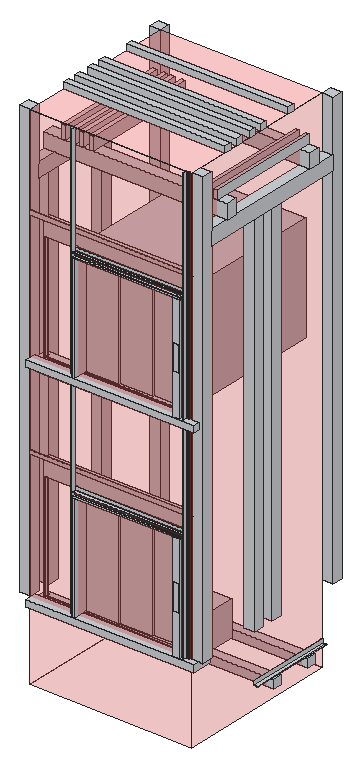
Revit family "SF2500-3S-1方向", category 一般モデル, Revit 2018
Family settings
  鉄筋をホスト可能 = いいえ
  丸型コネクタ寸法 = 直径を使用
  パーツ タイプ = 標準
  作業面ベース = いいえ
  常に垂直 = はい
  ロード時にボイドで切り取り = いいえ
  共有 = いいえ
  部屋計算ポイント = いいえ
Parameters
  昇降行程 = 5000 mm
Reference planes
  plane 1 "レール芯": y = 0
  plane 2 "最下階FL": z = 0
  plane 3 "かご芯": x = 0
  plane 4: z = 5000
  plane 5 "ピット底面": z = -1850
  plane 6: z = 10150
  plane 7: z = 2500
Forms (mm)
  Extrusion 1, solid
    sketch origin (-115, 140, 0) x (1, 0, 0) y (0, 1, 0)
      loop
        line (-2075, 1770) -> (-2075, -2040) -> (1695, -2040) -> (1695, 1770) -> (-2075, 1770)
    from -1850 to 10150
  Extrusion 2, solid
    sketch origin (-188.849, -187.656, 5000) x (1, 0, 0) y (0, 1, 0)
      loop
        line (-1106.151, 1972.656) -> (-1106.151, -1312.344) -> (1483.849, -1312.344) -> (1483.849, 1972.656) -> (-1106.151, 1972.656)
    from 0 to 2500
  Extrusion 3, solid
    sketch origin (-879.116, 224.003, 325) x (1, 0, 0) y (0, 1, 0)
      loop
        line (-1050.884, 1090.997) -> (-1050.884, 260.997) -> (829.116, 260.997) -> (829.116, 1090.997) -> (-1050.884, 1090.997)
    from -1850 to -1029.5
  Extrusion 4, solid
    sketch origin (-180.164, -13.256, 0) x (1, 0, 0) y (0, 1, 0)
      loop
        line (1760.164, 388.256) -> (1760.164, 138.256) -> (2010.164, 138.256) -> (2010.164, 388.256) -> (1760.164, 388.256)
    from 0 to 8610
  Extrusion 5, solid
    sketch origin (-180.164, -413.256, 0) x (1, 0, 0) y (0, 1, 0)
      loop
        line (1760.164, 288.256) -> (1760.164, 38.256) -> (2010.164, 38.256) -> (2010.164, 288.256) -> (1760.164, 288.256)
    from 0 to 8610
  Extrusion 6, solid
    sketch origin (593.997, -121.31, 0) x (1, 0, 0) y (0, 1, 0)
      loop
        line (-3033.997, 581.31) -> (-3033.997, 331.31) -> (-2783.997, 331.31) -> (-2783.997, 581.31) -> (-3033.997, 581.31)
    from 0 to 8610
  Extrusion 7, solid
    sketch origin (593.997, -1571.31, 0) x (1, 0, 0) y (0, 1, 0)
      loop
        line (-3033.997, 481.31) -> (-3033.997, 231.31) -> (-2783.997, 231.31) -> (-2783.997, 481.31) -> (-3033.997, 481.31)
    from 0 to 8610
  Extrusion 8, solid
    sketch origin (0, -154.792, -183.066) x (0, 1, 0) y (0, 0, 1)
      loop
        line (279.792, 10483.066) -> (279.792, 10333.066) -> (429.792, 10333.066) -> (429.792, 10483.066) -> (279.792, 10483.066)
    from -2190 to 1580
  Extrusion 9, solid
    sketch origin (0, -494.792, -183.066) x (0, 1, 0) y (0, 0, 1)
      loop
        line (279.792, 10483.066) -> (279.792, 10333.066) -> (429.792, 10333.066) -> (429.792, 10483.066) -> (279.792, 10483.066)
    from -2190 to 1580
  Extrusion 10, solid
    sketch origin (0, -859.792, -183.066) x (0, 1, 0) y (0, 0, 1)
      loop
        line (279.792, 10483.066) -> (279.792, 10333.066) -> (429.792, 10333.066) -> (429.792, 10483.066) -> (279.792, 10483.066)
    from -2190 to 1580
  Extrusion 11, solid
    sketch origin (0, 635.208, -183.066) x (0, 1, 0) y (0, 0, 1)
      loop
        line (279.792, 10483.066) -> (279.792, 10333.066) -> (429.792, 10333.066) -> (429.792, 10483.066) -> (279.792, 10483.066)
    from -2190 to 1580
  Extrusion 12, solid
    sketch origin (0, -882.235, 116.596) x (0, 1, 0) y (0, 0, 1)
      loop
        line (-877.765, 4733.404) -> (-877.765, 4533.404) -> (-677.765, 4533.404) -> (-677.765, 4733.404) -> (-877.765, 4733.404)
    from -2190 to 1580
  Extrusion 13, solid
    sketch origin (122.648, -728.415, 0) x (-1, 0, 0) y (0, -1, 0)
      loop
        arc (-1327.352, 1181.585) -> (-1330.281, 1174.514) -> (-1337.352, 1171.585) r 10
        line (-1337.352, 1171.585) -> (-1402.352, 1171.585)
        arc (-1402.352, 1171.585) -> (-1406.094, 1168.362) -> (-1407.352, 1163.585) r 8.329
        line (-1407.352, 1163.585) -> (-1407.352, 1161.585) -> (-1317.352, 1161.585) -> (-1317.352, 1251.585) -> (-1319.352, 1251.585)
        arc (-1319.352, 1251.585) -> (-1324.129, 1250.327) -> (-1327.352, 1246.585) r 8.329
        line (-1327.352, 1246.585) -> (-1327.352, 1181.585)
    from 0 to 4850
  Extrusion 14, solid
    sketch origin (77.352, -728.415, 0) x (1, 0, 0) y (0, 1, 0)
      loop
        line (-1227.352, -1181.585) -> (-1227.352, -1246.585)
        arc (-1227.352, -1246.585) -> (-1224.129, -1250.327) -> (-1219.352, -1251.585) r 8.329
        line (-1219.352, -1251.585) -> (-1217.352, -1251.585) -> (-1217.352, -1161.585) -> (-1307.352, -1161.585) -> (-1307.352, -1163.585)
        arc (-1307.352, -1163.585) -> (-1306.094, -1168.362) -> (-1302.352, -1171.585) r 8.329
        line (-1302.352, -1171.585) -> (-1237.352, -1171.585)
        arc (-1237.352, -1171.585) -> (-1230.281, -1174.514) -> (-1227.352, -1181.585) r 10
    from 0 to 4850
  Extrusion 15, solid
    sketch origin (322.648, -728.415, 5000) x (-1, 0, 0) y (0, -1, 0)
      loop
        line (-1127.352, 1246.585) -> (-1127.352, 1181.585)
        arc (-1127.352, 1181.585) -> (-1130.281, 1174.514) -> (-1137.352, 1171.585) r 10
        line (-1137.352, 1171.585) -> (-1202.352, 1171.585)
        arc (-1202.352, 1171.585) -> (-1206.094, 1168.362) -> (-1207.352, 1163.585) r 8.329
        line (-1207.352, 1163.585) -> (-1207.352, 1161.585) -> (-1117.352, 1161.585) -> (-1117.352, 1251.585) -> (-1119.352, 1251.585)
        arc (-1119.352, 1251.585) -> (-1124.129, 1250.327) -> (-1127.352, 1246.585) r 8.329
    from 0 to 5150
  Extrusion 16, solid
    sketch origin (77.352, -728.415, 5000) x (1, 0, 0) y (0, 1, 0)
      loop
        line (-1227.352, -1181.585) -> (-1227.352, -1246.585)
        arc (-1227.352, -1246.585) -> (-1224.129, -1250.327) -> (-1219.352, -1251.585) r 8.329
        line (-1219.352, -1251.585) -> (-1217.352, -1251.585) -> (-1217.352, -1161.585) -> (-1307.352, -1161.585) -> (-1307.352, -1163.585)
        arc (-1307.352, -1163.585) -> (-1306.094, -1168.362) -> (-1302.352, -1171.585) r 8.329
        line (-1302.352, -1171.585) -> (-1237.352, -1171.585)
        arc (-1237.352, -1171.585) -> (-1230.281, -1174.514) -> (-1227.352, -1181.585) r 10
    from 0 to 5150
  Extrusion 17, solid
    sketch origin (90, -4062.272, 1335.614) x (0, 0, -1) y (0, 1, 0)
      loop
        line (-1244.386, 2172.272) -> (-1334.386, 2172.272) -> (-1334.386, 2170.272)
        arc (-1334.386, 2170.272) -> (-1333.128, 2165.496) -> (-1329.386, 2162.272) r 8.329
        line (-1329.386, 2162.272) -> (-1264.386, 2162.272)
        arc (-1264.386, 2162.272) -> (-1257.315, 2159.343) -> (-1254.386, 2152.272) r 10
        line (-1254.386, 2152.272) -> (-1254.386, 2087.272)
        arc (-1254.386, 2087.272) -> (-1251.162, 2083.53) -> (-1246.386, 2082.272) r 8.329
        line (-1246.386, 2082.272) -> (-1244.386, 2082.272) -> (-1244.386, 2172.272)
    from -1230 to 1350
  Extrusion 18, solid
    sketch origin (593.997, 1578.69, 0) x (1, 0, 0) y (0, 1, 0)
      loop
        line (-3033.997, 581.31) -> (-3033.997, 331.31) -> (-2783.997, 331.31) -> (-2783.997, 581.31) -> (-3033.997, 581.31)
    from 0 to 10150
  Extrusion 19, solid
    sketch origin (-180.164, 1771.744, 0) x (1, 0, 0) y (0, 1, 0)
      loop
        line (1760.164, 388.256) -> (1760.164, 138.256) -> (2010.164, 138.256) -> (2010.164, 388.256) -> (1760.164, 388.256)
    from 0 to 10150
  Extrusion 20, solid
    sketch origin (593.997, -2106.31, 0) x (1, 0, 0) y (0, 1, 0)
      loop
        line (-3033.997, 481.31) -> (-3033.997, 231.31) -> (-2783.997, 231.31) -> (-2783.997, 481.31) -> (-3033.997, 481.31)
    from 0 to 10150
  Extrusion 21, solid
    sketch origin (-180.164, -1913.256, 0) x (1, 0, 0) y (0, 1, 0)
      loop
        line (1760.164, 288.256) -> (1760.164, 38.256) -> (2010.164, 38.256) -> (2010.164, 288.256) -> (1760.164, 288.256)
    from 0 to 10150
  Extrusion 22, solid
    sketch origin (150, 2016.904, 19.994) x (0, 1, 0) y (0, 0, 1)
      loop
        line (-716.904, -1344.994) -> (-716.904, -1544.994) -> (-516.904, -1544.994) -> (-516.904, -1344.994) -> (-716.904, -1344.994)
    from -2490 to 1580
  Extrusion 23, solid
    sketch origin (150, 1016.904, 19.994) x (0, 1, 0) y (0, 0, 1)
      loop
        line (-716.904, -1344.994) -> (-716.904, -1544.994) -> (-516.904, -1544.994) -> (-516.904, -1344.994) -> (-716.904, -1344.994)
    from -2490 to 1580
  Extrusion 24, solid
    sketch origin (0, -1199.792, -183.066) x (0, 1, 0) y (0, 0, 1)
      loop
        line (279.792, 10483.066) -> (279.792, 10333.066) -> (429.792, 10333.066) -> (429.792, 10483.066) -> (279.792, 10483.066)
    from -2190 to 1580
  Extrusion 25, solid
    sketch origin (0, 441.791, 163.079) x (0, 1, 0) y (0, 0, 1)
      loop
        line (798.209, 9126.921) -> (798.209, 8786.921) -> (1048.209, 8786.921) -> (1048.209, 9126.921) -> (798.209, 9126.921)
    from -2440 to 1830
  Extrusion 26, solid
    sketch origin (0, -1968.209, 163.079) x (0, 1, 0) y (0, 0, 1)
      loop
        line (798.209, 9126.921) -> (798.209, 8786.921) -> (1048.209, 8786.921) -> (1048.209, 9126.921) -> (798.209, 9126.921)
    from -2440 to 1830
  Extrusion 27, solid
    sketch origin (-92.007, 0, 95.444) x (1, 0, 0) y (0, 0, 1)
      loop
        line (1672.007, 8854.556) -> (1672.007, 8514.556) -> (1922.007, 8514.556) -> (1922.007, 8854.556) -> (1672.007, 8854.556)
    from -1910 to 1625
  Extrusion 28, solid
    sketch origin (-4112.007, 0, 95.444) x (1, 0, 0) y (0, 0, 1)
      loop
        line (1672.007, 8854.556) -> (1672.007, 8514.556) -> (1922.007, 8514.556) -> (1922.007, 8854.556) -> (1672.007, 8854.556)
    from -1910 to 1625
  Extrusion 29, solid
    sketch origin (0, 282.272, 1720.614) x (0, 0, -1) y (0, 1, 0)
      loop
        line (-1244.386, -2172.272) -> (-1244.386, -2082.272) -> (-1246.386, -2082.272)
        arc (-1246.386, -2082.272) -> (-1251.162, -2083.53) -> (-1254.386, -2087.272) r 8.329
        line (-1254.386, -2087.272) -> (-1254.386, -2152.272)
        arc (-1254.386, -2152.272) -> (-1257.315, -2159.343) -> (-1264.386, -2162.272) r 10
        line (-1264.386, -2162.272) -> (-1329.386, -2162.272)
        arc (-1329.386, -2162.272) -> (-1333.128, -2165.496) -> (-1334.386, -2170.272) r 8.329
        line (-1334.386, -2170.272) -> (-1334.386, -2172.272) -> (-1244.386, -2172.272)
    from -2190 to 1580
  Extrusion 30, solid
    sketch origin (90, -4062.272, 6335.614) x (0, 0, -1) y (0, 1, 0)
      loop
        line (-1244.386, 2172.272) -> (-1334.386, 2172.272) -> (-1334.386, 2170.272)
        arc (-1334.386, 2170.272) -> (-1333.128, 2165.496) -> (-1329.386, 2162.272) r 8.329
        line (-1329.386, 2162.272) -> (-1264.386, 2162.272)
        arc (-1264.386, 2162.272) -> (-1257.315, 2159.343) -> (-1254.386, 2152.272) r 10
        line (-1254.386, 2152.272) -> (-1254.386, 2087.272)
        arc (-1254.386, 2087.272) -> (-1251.162, 2083.53) -> (-1246.386, 2082.272) r 8.329
        line (-1246.386, 2082.272) -> (-1244.386, 2082.272) -> (-1244.386, 2172.272)
    from -1230 to 1350
  Extrusion 31, solid
    sketch origin (0, 282.272, 6720.614) x (0, 0, -1) y (0, 1, 0)
      loop
        line (-1244.386, -2172.272) -> (-1244.386, -2082.272) -> (-1246.386, -2082.272)
        arc (-1246.386, -2082.272) -> (-1251.162, -2083.53) -> (-1254.386, -2087.272) r 8.329
        line (-1254.386, -2087.272) -> (-1254.386, -2152.272)
        arc (-1254.386, -2152.272) -> (-1257.315, -2159.343) -> (-1264.386, -2162.272) r 10
        line (-1264.386, -2162.272) -> (-1329.386, -2162.272)
        arc (-1329.386, -2162.272) -> (-1333.128, -2165.496) -> (-1334.386, -2170.272) r 8.329
        line (-1334.386, -2170.272) -> (-1334.386, -2172.272) -> (-1244.386, -2172.272)
    from -2190 to 1580
  Extrusion 32, solid
    sketch origin (1.885, 1900, 0) x (1, 0, 0) y (0, 0, 1)
      loop
        line (-2201.885, -1232) -> (-2201.885, -1305)
        arc (-2201.885, -1305) -> (-2204.814, -1312.071) -> (-2211.885, -1315) r 10
        line (-2211.885, -1315) -> (-2284.885, -1315)
        arc (-2284.885, -1315) -> (-2289.835, -1317.05) -> (-2291.885, -1322) r 7
        line (-2291.885, -1322) -> (-2291.885, -1325) -> (-2191.885, -1325) -> (-2191.885, -1225) -> (-2194.885, -1225)
        arc (-2194.885, -1225) -> (-2199.835, -1227.05) -> (-2201.885, -1232) r 7
    from 0 to 2000
  Extrusion 33, solid
    sketch origin (-611.885, 1900, 0) x (-1, 0, 0) y (0, 0, -1)
      loop
        arc (-2201.885, 1232) -> (-2199.835, 1227.05) -> (-2194.885, 1225) r 7
        line (-2194.885, 1225) -> (-2191.885, 1225) -> (-2191.885, 1325) -> (-2291.885, 1325) -> (-2291.885, 1322)
        arc (-2291.885, 1322) -> (-2289.835, 1317.05) -> (-2284.885, 1315) r 7
        line (-2284.885, 1315) -> (-2211.885, 1315)
        arc (-2211.885, 1315) -> (-2204.814, 1312.071) -> (-2201.885, 1305) r 10
        line (-2201.885, 1305) -> (-2201.885, 1232)
    from 0 to 2000
  Extrusion 34, solid
    sketch origin (-757.393, 0, 48.404) x (1, 0, 0) y (0, 0, 1)
      loop
        line (2277.393, 9441.596) -> (2277.393, 9241.596) -> (2357.393, 9241.596) -> (2357.393, 9441.596) -> (2277.393, 9441.596)
    from -1490 to 1170
  Extrusion 35, solid
    sketch origin (-987.393, 0, 48.404) x (1, 0, 0) y (0, 0, 1)
      loop
        line (2277.393, 9441.596) -> (2277.393, 9241.596) -> (2357.393, 9241.596) -> (2357.393, 9441.596) -> (2277.393, 9441.596)
    from -1490 to 1170
  Extrusion 36, solid
    sketch origin (-231.32, 0, -14.523) x (1, 0, 0) y (0, 0, 1)
      loop
        line (-1798.68, 9604.523) -> (-1798.68, 9304.523) -> (-1708.68, 9304.523) -> (-1708.68, 9604.523) -> (-1798.68, 9604.523)
    from -1490 to 1170
  Extrusion 37, solid
    sketch origin (8.68, 0, -14.523) x (1, 0, 0) y (0, 0, 1)
      loop
        line (-1798.68, 9604.523) -> (-1798.68, 9304.523) -> (-1708.68, 9304.523) -> (-1708.68, 9604.523) -> (-1798.68, 9604.523)
    from -1490 to 1170
  Extrusion 38, solid
    sketch origin (188.68, 0, -14.523) x (1, 0, 0) y (0, 0, 1)
      loop
        line (-1798.68, 9604.523) -> (-1798.68, 9304.523) -> (-1708.68, 9304.523) -> (-1708.68, 9604.523) -> (-1798.68, 9604.523)
    from -1490 to 1170
  Extrusion 39, solid
    sketch origin (428.68, 0, -14.523) x (1, 0, 0) y (0, 0, 1)
      loop
        line (-1798.68, 9604.523) -> (-1798.68, 9304.523) -> (-1708.68, 9304.523) -> (-1708.68, 9604.523) -> (-1798.68, 9604.523)
    from -1490 to 1170
Dimensions and locks
  "昇降行程": plane 4 to plane 2 "最下階FL"
  locked: plane 6 to plane 4 at 5150
  locked: Extrusion 2 to plane 4 at 2500
  locked: plane 4 to Extrusion 13 at 150
  locked: Extrusion 27 to plane 4 at 3610
  aligned and locked: level to plane 2 "最下階FL"
  aligned and locked: Extrusion 1 to plane 5 "ピット底面"
  aligned and locked: Extrusion 2 to plane 4
  aligned and locked: Extrusion 5 to plane 2 "最下階FL"
  aligned and locked: Extrusion 4 to plane 2 "最下階FL"
  aligned and locked: Extrusion 6 to Extrusion 1
  aligned and locked: Extrusion 7 to Extrusion 1
  aligned and locked: Extrusion 4 to Extrusion 1
  aligned and locked: Extrusion 5 to Extrusion 1
  aligned and locked: Extrusion 6 to plane 2 "最下階FL"
  aligned and locked: Extrusion 7 to plane 2 "最下階FL"
  aligned and locked: Extrusion 8 to Extrusion 1
  aligned and locked: Extrusion 1 to Extrusion 8  (x2)
  aligned and locked: Extrusion 1 to Extrusion 10  (x2)
  aligned and locked: Extrusion 1 to Extrusion 11  (x2)
  aligned and locked: Extrusion 10 to Extrusion 1
  aligned and locked: Extrusion 9 to Extrusion 1
  aligned and locked: Extrusion 11 to Extrusion 1
  aligned and locked: Extrusion 1 to Extrusion 12  (x2)
  aligned and locked: Extrusion 1 to Extrusion 9  (x2)
  aligned and locked: Extrusion 15 to Extrusion 16
  aligned and locked: Extrusion 16 to plane 4
  aligned and locked: Extrusion 15 to plane 4
  aligned and locked: plane 6 to Extrusion 1
  aligned and locked: plane 6 to Extrusion 15
  aligned and locked: plane 6 to Extrusion 16
  aligned and locked: Extrusion 13 to Extrusion 14
  aligned and locked: Extrusion 19 to Extrusion 1
  aligned and locked: Extrusion 1 to Extrusion 21
  aligned and locked: Extrusion 18 to Extrusion 1
  aligned and locked: Extrusion 1 to Extrusion 20
  aligned and locked: nested 2 to plane 4
  aligned and locked: Extrusion 4 to Extrusion 27
  aligned and locked: Extrusion 6 to Extrusion 27
  aligned and locked: Extrusion 5 to Extrusion 27
  aligned and locked: Extrusion 7 to Extrusion 27
  aligned and locked: Extrusion 1 to Extrusion 24  (x2)
Automatic sketch dimensions
  Extrusion 1 sketch curve to plane 3 "かご芯" = 2190 mm
  plane 3 "かご芯" to Extrusion 1 sketch curve = 1580 mm
  plane 1 "レール芯" to Extrusion 1 sketch curve = 1900 mm
  Extrusion 1 sketch curve to plane 1 "レール芯" = 1910 mm
  Extrusion 2 sketch curve to plane 3 "かご芯" = 1295 mm
  plane 3 "かご芯" to Extrusion 2 sketch curve = 1295 mm
  plane 1 "レール芯" to Extrusion 2 sketch curve = 1500 mm
  Extrusion 2 sketch curve to plane 1 "レール芯" = 1785 mm
  Extrusion 3 sketch curve to plane 1 "レール芯" = 485 mm
  Extrusion 3 sketch curve to plane 3 "かご芯" = 1930 mm
  Extrusion 3 sketch curve to plane 3 "かご芯" = 50 mm
  Extrusion 3 sketch curve to Extrusion 3 sketch curve = 830 mm
  Extrusion 4 sketch curve to plane 1 "レール芯" = 125 mm
  plane 3 "かご芯" to Extrusion 4 sketch curve = 1580 mm
  Extrusion 4 sketch curve to Extrusion 4 sketch curve = 250 mm  (x2)
  plane 1 "レール芯" to Extrusion 5 sketch curve = 375 mm
  plane 3 "かご芯" to Extrusion 5 sketch curve = 1580 mm
  Extrusion 5 sketch curve to Extrusion 5 sketch curve = 250 mm
  plane 1 "レール芯" to Extrusion 5 sketch curve = 125 mm
  Extrusion 6 sketch curve to plane 1 "レール芯" = 210 mm
  Extrusion 6 sketch curve to plane 3 "かご芯" = 2440 mm
  Extrusion 6 sketch curve to Extrusion 6 sketch curve = 250 mm  (x2)
  Extrusion 7 sketch curve to plane 3 "かご芯" = 2440 mm
  Extrusion 7 sketch curve to Extrusion 7 sketch curve = 250 mm  (x2)
  plane 1 "レール芯" to Extrusion 7 sketch curve = 1340 mm
  Extrusion 8 sketch curve to plane 6 = 0 mm
  Extrusion 8 sketch curve to plane 1 "レール芯" = 125 mm
  Extrusion 8 sketch curve to Extrusion 8 sketch curve = 150 mm
  plane 6 to Extrusion 8 sketch curve = 150 mm
  Extrusion 9 sketch curve to plane 6 = 0 mm
  plane 1 "レール芯" to Extrusion 9 sketch curve = 215 mm
  plane 1 "レール芯" to Extrusion 9 sketch curve = 65 mm
  plane 6 to Extrusion 9 sketch curve = 150 mm
  Extrusion 10 sketch curve to plane 6 = 0 mm
  plane 1 "レール芯" to Extrusion 10 sketch curve = 580 mm
  Extrusion 10 sketch curve to Extrusion 10 sketch curve = 150 mm
  plane 6 to Extrusion 10 sketch curve = 150 mm
  Extrusion 11 sketch curve to plane 6 = 0 mm
  Extrusion 11 sketch curve to plane 1 "レール芯" = 915 mm
  Extrusion 11 sketch curve to Extrusion 11 sketch curve = 150 mm
  plane 6 to Extrusion 11 sketch curve = 150 mm
  Extrusion 12 sketch curve to plane 4 = 350 mm
  plane 1 "レール芯" to Extrusion 12 sketch curve = 1760 mm
  Extrusion 12 sketch curve to Extrusion 12 sketch curve = 200 mm
  Extrusion 12 sketch curve to plane 4 = 150 mm
  Extrusion 13 sketch curve to plane 3 "かご芯" = 1530 mm
  Extrusion 13 sketch curve to Extrusion 13 sketch curve = 5 mm  (x2)
  Extrusion 13 sketch curve to Extrusion 13 sketch curve = 3.321 mm
  Extrusion 13 sketch curve to Extrusion 13 sketch curve = 61.679 mm  (x2)
  Extrusion 13 sketch curve to Extrusion 13 sketch curve = 10 mm  (x2)
  Extrusion 13 sketch curve to Extrusion 13 sketch curve = 7.638 mm  (x2)
  Extrusion 13 sketch curve to Extrusion 13 sketch curve = 0.362 mm
  Extrusion 13 sketch curve to Extrusion 13 sketch curve = 2 mm
  Extrusion 13 sketch curve to plane 1 "レール芯" = 1980 mm
  Extrusion 14 sketch curve to plane 3 "かご芯" = 1230 mm
  Extrusion 14 sketch curve to Extrusion 14 sketch curve = 5 mm  (x2)
  Extrusion 14 sketch curve to Extrusion 14 sketch curve = 3.321 mm
  Extrusion 14 sketch curve to Extrusion 14 sketch curve = 61.679 mm  (x2)
  Extrusion 14 sketch curve to Extrusion 14 sketch curve = 10 mm
  Extrusion 14 sketch curve to Extrusion 14 sketch curve = 7.638 mm  (x2)
  Extrusion 14 sketch curve to Extrusion 14 sketch curve = 0.362 mm
  Extrusion 14 sketch curve to Extrusion 14 sketch curve = 2 mm
  plane 1 "レール芯" to Extrusion 14 sketch curve = 1980 mm
  Extrusion 14 sketch curve to Extrusion 14 sketch curve = 20 mm
  Extrusion 15 sketch curve to plane 3 "かご芯" = 1530 mm
  Extrusion 15 sketch curve to Extrusion 15 sketch curve = 5 mm  (x2)
  Extrusion 15 sketch curve to Extrusion 15 sketch curve = 3.321 mm
  Extrusion 15 sketch curve to Extrusion 15 sketch curve = 61.679 mm  (x2)
  Extrusion 15 sketch curve to Extrusion 15 sketch curve = 10 mm
  Extrusion 15 sketch curve to Extrusion 15 sketch curve = 7.638 mm  (x2)
  Extrusion 15 sketch curve to Extrusion 15 sketch curve = 0.362 mm
  Extrusion 15 sketch curve to Extrusion 15 sketch curve = 2 mm  (x2)
  Extrusion 15 sketch curve to plane 1 "レール芯" = 1980 mm
  Extrusion 16 sketch curve to plane 3 "かご芯" = 1230 mm
  Extrusion 16 sketch curve to Extrusion 16 sketch curve = 5 mm  (x2)
  Extrusion 16 sketch curve to Extrusion 16 sketch curve = 3.321 mm
  Extrusion 16 sketch curve to Extrusion 16 sketch curve = 61.679 mm  (x2)
  Extrusion 16 sketch curve to Extrusion 16 sketch curve = 10 mm  (x2)
  Extrusion 16 sketch curve to Extrusion 16 sketch curve = 7.638 mm  (x2)
  Extrusion 16 sketch curve to Extrusion 16 sketch curve = 0.362 mm
  Extrusion 16 sketch curve to Extrusion 16 sketch curve = 2 mm
  plane 1 "レール芯" to Extrusion 16 sketch curve = 1980 mm
  Extrusion 17 sketch curve to plane 7 = 170 mm
  Extrusion 17 sketch curve to Extrusion 17 sketch curve = 5 mm  (x2)
  Extrusion 17 sketch curve to Extrusion 17 sketch curve = 8.321 mm
  Extrusion 17 sketch curve to Extrusion 17 sketch curve = 61.679 mm  (x2)
  Extrusion 17 sketch curve to Extrusion 17 sketch curve = 10 mm
  Extrusion 17 sketch curve to Extrusion 17 sketch curve = 7.638 mm  (x2)
  Extrusion 17 sketch curve to Extrusion 17 sketch curve = 0.362 mm
  Extrusion 17 sketch curve to Extrusion 17 sketch curve = 2 mm
  plane 1 "レール芯" to Extrusion 17 sketch curve = 1980 mm
  Extrusion 17 sketch curve to Extrusion 17 sketch curve = 20 mm
  Extrusion 18 sketch curve to plane 3 "かご芯" = 2440 mm
  Extrusion 18 sketch curve to Extrusion 18 sketch curve = 250 mm  (x2)
  Extrusion 18 sketch curve to plane 1 "レール芯" = 1910 mm
  plane 3 "かご芯" to Extrusion 19 sketch curve = 1580 mm
  Extrusion 19 sketch curve to Extrusion 19 sketch curve = 250 mm  (x2)
  Extrusion 19 sketch curve to plane 1 "レール芯" = 1910 mm
  Extrusion 20 sketch curve to plane 3 "かご芯" = 2440 mm
  Extrusion 20 sketch curve to Extrusion 20 sketch curve = 250 mm  (x2)
  plane 1 "レール芯" to Extrusion 20 sketch curve = 1875 mm
  plane 3 "かご芯" to Extrusion 21 sketch curve = 1580 mm
  Extrusion 21 sketch curve to Extrusion 21 sketch curve = 250 mm  (x2)
  plane 1 "レール芯" to Extrusion 21 sketch curve = 1875 mm
  plane 5 "ピット底面" to Extrusion 22 sketch curve = 325 mm
  Extrusion 22 sketch curve to plane 1 "レール芯" = 1300 mm
  Extrusion 22 sketch curve to Extrusion 22 sketch curve = 200 mm  (x2)
  Extrusion 23 sketch curve to plane 1 "レール芯" = 300 mm
  Extrusion 23 sketch curve to Extrusion 23 sketch curve = 200 mm  (x2)
  plane 5 "ピット底面" to Extrusion 23 sketch curve = 325 mm
  Extrusion 24 sketch curve to plane 6 = 0 mm
  plane 1 "レール芯" to Extrusion 24 sketch curve = 920 mm
  Extrusion 24 sketch curve to Extrusion 24 sketch curve = 150 mm
  plane 6 to Extrusion 24 sketch curve = 150 mm
  Extrusion 25 sketch curve to plane 1 "レール芯" = 1240 mm
  Extrusion 25 sketch curve to Extrusion 25 sketch curve = 250 mm
  Extrusion 25 sketch curve to plane 6 = 1200 mm
  Extrusion 25 sketch curve to Extrusion 25 sketch curve = 340 mm
  plane 1 "レール芯" to Extrusion 26 sketch curve = 1170 mm
  Extrusion 26 sketch curve to Extrusion 26 sketch curve = 250 mm
  Extrusion 26 sketch curve to plane 6 = 1200 mm
  Extrusion 26 sketch curve to Extrusion 26 sketch curve = 340 mm
  plane 3 "かご芯" to Extrusion 27 sketch curve = 1580 mm
  Extrusion 27 sketch curve to Extrusion 27 sketch curve = 250 mm
  Extrusion 27 sketch curve to plane 6 = 1540 mm
  Extrusion 27 sketch curve to Extrusion 27 sketch curve = 340 mm
  Extrusion 28 sketch curve to plane 3 "かご芯" = 2440 mm
  Extrusion 28 sketch curve to Extrusion 28 sketch curve = 250 mm
  Extrusion 28 sketch curve to plane 6 = 1540 mm
  Extrusion 28 sketch curve to Extrusion 28 sketch curve = 340 mm
  plane 7 to Extrusion 29 sketch curve = 555 mm
  Extrusion 29 sketch curve to Extrusion 29 sketch curve = 5 mm  (x2)
  Extrusion 29 sketch curve to Extrusion 29 sketch curve = 8.321 mm
  Extrusion 29 sketch curve to Extrusion 29 sketch curve = 61.679 mm  (x2)
  Extrusion 29 sketch curve to Extrusion 29 sketch curve = 10 mm
  Extrusion 29 sketch curve to Extrusion 29 sketch curve = 7.638 mm  (x2)
  Extrusion 29 sketch curve to Extrusion 29 sketch curve = 0.362 mm
  Extrusion 29 sketch curve to Extrusion 29 sketch curve = 2 mm
  Extrusion 29 sketch curve to plane 1 "レール芯" = 1800 mm
  Extrusion 29 sketch curve to Extrusion 29 sketch curve = 20 mm
  Extrusion 30 sketch curve to plane 6 = 2480 mm
  Extrusion 30 sketch curve to Extrusion 30 sketch curve = 5 mm  (x2)
  Extrusion 30 sketch curve to Extrusion 30 sketch curve = 8.321 mm
  Extrusion 30 sketch curve to Extrusion 30 sketch curve = 61.679 mm  (x2)
  Extrusion 30 sketch curve to Extrusion 30 sketch curve = 10 mm
  Extrusion 30 sketch curve to Extrusion 30 sketch curve = 7.638 mm  (x2)
  Extrusion 30 sketch curve to Extrusion 30 sketch curve = 0.362 mm
  Extrusion 30 sketch curve to Extrusion 30 sketch curve = 2 mm
  plane 1 "レール芯" to Extrusion 30 sketch curve = 1980 mm
  Extrusion 30 sketch curve to Extrusion 30 sketch curve = 20 mm
  plane 6 to Extrusion 31 sketch curve = 2095 mm
  Extrusion 31 sketch curve to Extrusion 31 sketch curve = 5 mm  (x2)
  Extrusion 31 sketch curve to Extrusion 31 sketch curve = 8.321 mm
  Extrusion 31 sketch curve to Extrusion 31 sketch curve = 61.679 mm  (x2)
  Extrusion 31 sketch curve to Extrusion 31 sketch curve = 10 mm  (x2)
  Extrusion 31 sketch curve to Extrusion 31 sketch curve = 7.638 mm  (x2)
  Extrusion 31 sketch curve to Extrusion 31 sketch curve = 0.362 mm
  Extrusion 31 sketch curve to Extrusion 31 sketch curve = 2 mm
  Extrusion 31 sketch curve to plane 1 "レール芯" = 1800 mm
  plane 5 "ピット底面" to Extrusion 32 sketch curve = 528 mm
  Extrusion 32 sketch curve to plane 3 "かご芯" = 2290 mm
  Extrusion 32 sketch curve to Extrusion 32 sketch curve = 7 mm  (x2)
  Extrusion 32 sketch curve to Extrusion 32 sketch curve = 73 mm  (x2)
  Extrusion 32 sketch curve to Extrusion 32 sketch curve = 10 mm
  Extrusion 32 sketch curve to Extrusion 32 sketch curve = 3 mm
  Extrusion 32 sketch curve to Extrusion 32 sketch curve = 20 mm
  plane 5 "ピット底面" to Extrusion 33 sketch curve = 528 mm
  plane 3 "かご芯" to Extrusion 33 sketch curve = 1680 mm
  Extrusion 33 sketch curve to Extrusion 33 sketch curve = 7 mm  (x2)
  Extrusion 33 sketch curve to Extrusion 33 sketch curve = 73 mm  (x2)
  Extrusion 33 sketch curve to Extrusion 33 sketch curve = 10 mm
  Extrusion 33 sketch curve to Extrusion 33 sketch curve = 3 mm  (x2)
  plane 3 "かご芯" to Extrusion 34 sketch curve = 1520 mm
  Extrusion 34 sketch curve to Extrusion 34 sketch curve = 80 mm
  Extrusion 34 sketch curve to plane 6 = 860 mm
  Extrusion 34 sketch curve to Extrusion 34 sketch curve = 200 mm
  plane 3 "かご芯" to Extrusion 35 sketch curve = 1290 mm
  Extrusion 35 sketch curve to Extrusion 35 sketch curve = 80 mm
  Extrusion 35 sketch curve to plane 6 = 860 mm
  Extrusion 35 sketch curve to Extrusion 35 sketch curve = 200 mm
  Extrusion 36 sketch curve to plane 6 = 860 mm
  Extrusion 36 sketch curve to plane 3 "かご芯" = 2030 mm
  Extrusion 36 sketch curve to Extrusion 36 sketch curve = 90 mm
  Extrusion 36 sketch curve to Extrusion 36 sketch curve = 300 mm
  Extrusion 37 sketch curve to plane 6 = 860 mm
  Extrusion 37 sketch curve to plane 3 "かご芯" = 1790 mm
  Extrusion 37 sketch curve to Extrusion 37 sketch curve = 90 mm
  Extrusion 37 sketch curve to Extrusion 37 sketch curve = 300 mm
  Extrusion 38 sketch curve to plane 3 "かご芯" = 1610 mm
  Extrusion 38 sketch curve to Extrusion 38 sketch curve = 90 mm
  Extrusion 38 sketch curve to plane 6 = 860 mm
  Extrusion 38 sketch curve to Extrusion 38 sketch curve = 300 mm
  Extrusion 39 sketch curve to plane 3 "かご芯" = 1370 mm
  Extrusion 39 sketch curve to Extrusion 39 sketch curve = 90 mm
  Extrusion 39 sketch curve to plane 6 = 860 mm
  Extrusion 39 sketch curve to Extrusion 39 sketch curve = 300 mm
Nested families
  nested 1: "3S" at (90, -1530, 0), type "3S"
  nested 2: "3S" at (90, -1530, 5000), type "3S"
Definition of nested family "3S"
  Parameters (values of type "3S")
    戸袋 = 950 mm
    壁外～敷居先端 = 470 mm
    出入口高さ = 2500 mm
    出入口幅 = 2300 mm
  Reference planes
    plane 1 "敷居先端": y = 0
    plane 2: z = 0
    plane 3 "中心(左/右)": x = 0
    plane 4: x = -1150
    plane 5: x = 1150
    plane 6: x = -383.333
    plane 7: x = 383.333
    plane 8: x = -2100
    plane 9 "出入口高さ": z = 2500
    plane 10: y = -470
    plane 11: x = 1350
    plane 12: x = -1230
    plane 13: z = 2580
  Forms (mm)
    Extrusion 1, solid
      sketch origin (0, 60, 0) x (1, 0, 0) y (0, 1, 0)
        loop
          line (-1170, -190) -> (-1170, -220) -> (-373, -220) -> (-373, -190) -> (-1170, -190)
      from 5 to 2530
    Extrusion 2, solid
      sketch origin (0, 60, 0) x (1, 0, 0) y (0, 1, 0)
        loop
          line (-393, -155) -> (-393, -185) -> (393, -185) -> (393, -155) -> (-393, -155)
      from 5 to 2530
    Extrusion 3, solid
      sketch origin (0, 0, 0) x (1, 0, 0) y (0, 1, 0)
        loop
          line (373, -60) -> (373, -90) -> (1170, -90) -> (1170, -60) -> (373, -60)
      from 5 to 2530
    Extrusion 4, solid
      sketch origin (0, 0, 0) x (1, 0, 0) y (0, 1, 0)
        loop
          line (-1180, -450) -> (-1180, -480) -> (-1150, -480) -> (-1150, -165) -> (-1180, -165) -> (-1180, -180) -> (-1178.4, -180) -> (-1178.4, -166.6) -> (-1151.6, -166.6) -> (-1151.6, -478.4) -> (-1178.4, -478.4) -> (-1178.4, -450) -> (-1180, -450)
      from 0 to 2500
    Extrusion 5, solid
      sketch origin (0, 0, 0) x (1, 0, 0) y (0, 1, 0)
        loop
          line (1300, -435) -> (1298.4, -435) -> (1298.4, -478.4) -> (1151.6, -478.4) -> (1151.6, -96.6) -> (1181.6, -96.6) -> (1181.6, -1.6) -> (1228.4, -1.6) -> (1228.4, -10) -> (1230, -10) -> (1230, 0) -> (1180, 0) -> (1180, -95) -> (1150, -95) -> (1150, -480) -> (1300, -480) -> (1300, -435)
      from 0 to 2500
    Extrusion 6, solid
      sketch origin (0, 0, 0) x (0, 1, 0) y (0, 0, 1)
        loop
          line (-447.5, 2530) -> (-485, 2530) -> (-485, 2500) -> (-165, 2500) -> (-165, 2501.6) -> (-483.4, 2501.6) -> (-483.4, 2528.4) -> (-447.5, 2528.4) -> (-447.5, 2530)
      from -1180 to 1300
    Extrusion 7, solid
      sketch origin (0, 0, 0) x (0, 1, 0) y (0, 0, 1)
        loop
          line (-30, 0) -> (-510, 0) -> (-510, -150) -> (-30, -150) -> (-30, 0)
      from -2250 to 1650
    Extrusion 8, void
      sketch origin (0, 0, 0) x (0, 1, 0) y (0, 0, 1)
        loop
          line (-250, 0) -> (-250, -60) -> (-30, -60) -> (-30, 0) -> (-250, 0)
      from -2250 to 1650
    Extrusion 9, solid
      sketch origin (0, -20.2, 0) x (1, 0, 0) y (0, 1, 0)
        loop
          arc (-2085.5, -149.8) -> (-2091.51, -147.31) -> (-2094, -141.3) r 8.5
          line (-2094, -141.3) -> (-2094, -85)
          arc (-2094, -85) -> (-2095.172, -82.172) -> (-2098, -81) r 4
          line (-2098, -81) -> (-2100, -81) -> (-2100, -155.8) -> (-2025, -155.8) -> (-2025, -153.8)
          arc (-2025, -153.8) -> (-2026.172, -150.972) -> (-2029, -149.8) r 4
          line (-2029, -149.8) -> (-2085.5, -149.8)
      from 0 to 2500
    Extrusion 10, solid
      sketch origin (-770, -20.2, 0) x (-1, 0, 0) y (0, -1, 0)
        loop
          line (-2055.5, 149.8) -> (-1999, 149.8)
          arc (-1999, 149.8) -> (-1996.172, 150.972) -> (-1995, 153.8) r 4
          line (-1995, 153.8) -> (-1995, 155.8) -> (-2070, 155.8) -> (-2070, 88) -> (-2068, 88)
          arc (-2068, 88) -> (-2065.172, 89.172) -> (-2064, 92) r 4
          line (-2064, 92) -> (-2064, 141.3)
          arc (-2064, 141.3) -> (-2061.51, 147.31) -> (-2055.5, 149.8) r 8.5
      from 0 to 2500
    Extrusion 11, solid
      sketch origin (0, -987.83, 32.514) x (0, 1, 0) y (0, 0, 1)
        loop
          line (810.83, 2832.486) -> (810.83, 2467.486) -> (978.03, 2467.486) -> (978.03, 2832.486) -> (810.83, 2832.486)
      from -2100 to 1300
    Extrusion 12, solid
      sketch origin (100.878, 71.713, 0) x (1, 0, 0) y (0, 1, 0)
        loop
          line (-2194.878, -179.713) -> (-2194.878, -241.713) -> (-2156.878, -241.713) -> (-2156.878, -179.713) -> (-2194.878, -179.713)
      from 0 to 6
    Extrusion 13, solid
      sketch origin (3320.878, -28.287, 0) x (1, 0, 0) y (0, 1, 0)
        loop
          line (-2064.878, -79.713) -> (-2064.878, -141.713) -> (-2026.878, -141.713) -> (-2026.878, -79.713) -> (-2064.878, -79.713)
      from 0 to 6
    Extrusion 14, solid
      sketch origin (0, 0, 0) x (0, 1, 0) y (0, 0, 1)
        loop
          line (-170, -26) -> (0, -26) -> (0, 0) -> (-170, 0) -> (-170, -26)
      from -2100 to 1300
    Extrusion 15, solid
      sketch origin (120, -73, 962.5) x (1, 0, 0) y (0, 1, 0)
        loop
          line (1040, -407) -> (1040, -410) -> (1170, -410) -> (1170, -407) -> (1040, -407)
      from 0 to 590
  Cuts and joins
    Extrusion 8 cuts Extrusion 7
  Lines and regions (mm)
    reference lines
      curve 1: line (1150, -60, 0) -> (1300, -60, 0)
    symbolic lines
      curve 2: line (0, -480, 2500) -> (0, -480, 0)
      curve 3: line (0, -165, 2500) -> (0, -165, 0)
      curve 4: line (0, -480, 0) -> (0, -165, 0)
      curve 5: line (-383.333, 20, 0) -> (-383.333, -370, 0)
      curve 6: line (383.333, 60, 0) -> (383.333, -330, 0)
      curve 7: line (0, 60, 0) -> (0, -330, 0)
      curve 8: line (-1180, -165, 0) -> (-1180, -180, 0)
      curve 9: line (-1150, -165, 0) -> (-1180, -165, 0)
      curve 10: line (-1150, -480, 0) -> (-1150, -165, 0)
      curve 11: line (-1180, -480, 0) -> (-1150, -480, 0)
      curve 12: line (-1180, -450, 0) -> (-1180, -480, 0)
      curve 20: line (1230, 0, 0) -> (1230, -10, 0)
      curve 21: line (1180, 0, 0) -> (1230, 0, 0)
      curve 22: line (1180, -95, 0) -> (1180, 0, 0)
      curve 23: line (1150, -95, 0) -> (1180, -95, 0)
      curve 24: line (1150, -480, 0) -> (1150, -95, 0)
      curve 25: line (1300, -480, 0) -> (1150, -480, 0)
      curve 26: line (1300, -435, 0) -> (1300, -480, 0)
      curve 36: line (0, -485, 2500) -> (0, -165, 2500)
      curve 37: line (0, -485, 2530) -> (0, -485, 2500)
      curve 38: line (0, -447.5, 2530) -> (0, -485, 2530)
    symbolic lines, detail levels coarse+fine
      curve 13: line (-1178.4, -180, 0) -> (-1180, -180, 0)
      curve 14: line (-1178.4, -166.6, 0) -> (-1178.4, -180, 0)
      curve 15: line (-1151.6, -166.6, 0) -> (-1178.4, -166.6, 0)
      curve 16: line (-1151.6, -478.4, 0) -> (-1151.6, -166.6, 0)
      curve 17: line (-1178.4, -478.4, 0) -> (-1151.6, -478.4, 0)
      curve 18: line (-1178.4, -450, 0) -> (-1178.4, -478.4, 0)
      curve 19: line (-1180, -450, 0) -> (-1178.4, -450, 0)
      curve 27: line (1228.4, -10, 0) -> (1230, -10, 0)
      curve 28: line (1228.4, -1.6, 0) -> (1228.4, -10, 0)
      curve 29: line (1181.6, -1.6, 0) -> (1228.4, -1.6, 0)
      curve 30: line (1181.6, -96.6, 0) -> (1181.6, -1.6, 0)
      curve 31: line (1151.6, -96.6, 0) -> (1181.6, -96.6, 0)
      curve 32: line (1151.6, -478.4, 0) -> (1151.6, -96.6, 0)
      curve 33: line (1298.4, -478.4, 0) -> (1151.6, -478.4, 0)
      curve 34: line (1298.4, -435, 0) -> (1298.4, -478.4, 0)
      curve 35: line (1300, -435, 0) -> (1298.4, -435, 0)
      curve 39: line (0, -165, 2501.6) -> (0, -165, 2500)
      curve 40: line (0, -483.4, 2501.6) -> (0, -165, 2501.6)
      curve 41: line (0, -483.4, 2528.4) -> (0, -483.4, 2501.6)
      curve 42: line (0, -447.5, 2528.4) -> (0, -483.4, 2528.4)
      curve 43: line (0, -447.5, 2530) -> (0, -447.5, 2528.4)
  Dimensions and locks
    "出入口幅": plane 4 to plane 5
    equal spacing: plane 4, plane 3 "中心(左/右)", plane 5
    equal spacing: plane 4, plane 6, plane 7, plane 5
    locked: plane 6 to Extrusion 1 at 10.333
    locked: Extrusion 2 to plane 6 at 9.667
    locked: plane 7 to Extrusion 2 at 9.667
    locked: Extrusion 3 to plane 7 at 10.333
    "出入口高さ": level to plane 9 "出入口高さ"
    locked: Extrusion 3 to plane 9 "出入口高さ" at 30
    locked: plane 5 to Extrusion 6 at 150
    locked: Extrusion 6 to plane 4 at 30
    "戸袋": plane 8 to plane 4
    locked: plane 5 to Extrusion 11 at 150
    locked: Extrusion 11 to Extrusion 11 at 167.2
    locked: Extrusion 11 to plane 9 "出入口高さ" at 365
    locked: cut or joined group of Extrusion 7, Extrusion 8 to plane 1 "敷居先端" at 30
    locked: cut or joined group of Extrusion 7, Extrusion 8 to cut or joined group of Extrusion 7, Extrusion 8 at 220
    locked: cut or joined group of Extrusion 7, Extrusion 8 to plane 8 at 150
    locked: plane 5 to cut or joined group of Extrusion 7, Extrusion 8 at 500
    locked: plane 10 to Extrusion 4 at 10
    Extrusion 4 to Extrusion 4 = 315 mm
    locked: plane 1 "敷居先端" to Extrusion 4 at 165
    locked: Extrusion 4 to Extrusion 4 at 1.6
    locked: Extrusion 4 to Extrusion 4 at 15
    locked: plane 10 to Extrusion 5 at 10
    locked: Extrusion 5 to Extrusion 5 at 1.6
    locked: Extrusion 5 to Extrusion 5 at 45
    locked: plane 10 to cut or joined group of Extrusion 7, Extrusion 8 at 40
    locked: Extrusion 13 to Extrusion 10 at 38
    locked: Extrusion 14 to plane 1 "敷居先端" at 170
    locked: Extrusion 9 to Extrusion 14 at 6
    locked: Extrusion 10 to Extrusion 14 at 6
    locked: Extrusion 2 to Extrusion 3 at 5
    locked: Extrusion 1 to Extrusion 2 at 5
    locked: plane 5 to plane 11 at 200
    locked: plane 12 to plane 4 at 80
    locked: plane 5 to Extrusion 14 at 150
    locked: plane 9 "出入口高さ" to plane 13 at 80
    "壁外～敷居先端": plane 1 "敷居先端" to plane 10
    aligned and locked: level to plane 2
    aligned and locked: Extrusion 4 to plane 4
    aligned and locked: plane 5 to Extrusion 5
    aligned and locked: Extrusion 5 to plane 9 "出入口高さ"
    aligned and locked: Extrusion 4 to plane 9 "出入口高さ"
    aligned and locked: Extrusion 3 to Extrusion 2
    aligned and locked: Extrusion 3 to Extrusion 1
    aligned and locked: Extrusion 6 to Extrusion 4
    aligned and locked: Extrusion 9 to plane 8
    aligned and locked: Extrusion 11 to plane 8
    aligned and locked: plane 9 "出入口高さ" to Extrusion 11
    aligned and locked: Extrusion 9 to Extrusion 11
    aligned and locked: Extrusion 10 to plane 9 "出入口高さ"
    aligned and locked: Extrusion 8 to Extrusion 7
    aligned and locked: Extrusion 4 to Extrusion 6
    aligned and locked: Extrusion 12 to Extrusion 9
    aligned and locked: Extrusion 12 to level
    aligned and locked: Extrusion 13 to Extrusion 10  (x2)
    aligned and locked: Extrusion 14 to plane 1 "敷居先端"
    aligned and locked: Extrusion 14 to plane 8
    aligned and locked: Extrusion 14 to Extrusion 13
    aligned and locked: Extrusion 14 to Extrusion 12
    aligned and locked: cut or joined group of Extrusion 7, Extrusion 8 to cut or joined group of Extrusion 7, Extrusion 8
    aligned and locked: Extrusion 7 to Extrusion 8
    aligned and locked: curve 3 to Extrusion 4
    aligned and locked: curve 9 to Extrusion 4
    aligned and locked: curve 15 to Extrusion 4
    aligned and locked: curve 13 to Extrusion 4
    aligned and locked: curve 35 to Extrusion 5
  Automatic sketch dimensions
    plane 4 to Extrusion 1 sketch curve = 20 mm
    plane 6 to Extrusion 1 sketch curve = 10.333 mm
    Extrusion 1 sketch curve to Extrusion 1 sketch curve = 30 mm
    Extrusion 2 sketch curve to plane 6 = 9.667 mm
    plane 7 to Extrusion 2 sketch curve = 9.667 mm
    plane 1 "敷居先端" to Extrusion 2 sketch curve = 125 mm
    Extrusion 2 sketch curve to Extrusion 2 sketch curve = 30 mm
    Extrusion 3 sketch curve to plane 7 = 10.333 mm
    Extrusion 3 sketch curve to plane 5 = 20 mm
    plane 1 "敷居先端" to Extrusion 3 sketch curve = 90 mm
    Extrusion 3 sketch curve to Extrusion 3 sketch curve = 30 mm
    Extrusion 4 sketch curve to plane 4 = 0 mm
    plane 4 to Extrusion 4 sketch curve = 1.6 mm
    plane 4 to Extrusion 4 sketch curve = 28.4 mm  (x2)
    Extrusion 4 sketch curve to Extrusion 4 sketch curve = 1.6 mm  (x4)
    Extrusion 4 sketch curve to plane 10 = 10 mm
    plane 10 to Extrusion 4 sketch curve = 20 mm
    Extrusion 4 sketch curve to Extrusion 4 sketch curve = 13.4 mm
    Extrusion 5 sketch curve to plane 5 = 0 mm
    plane 1 "敷居先端" to Extrusion 5 sketch curve = 0 mm
    Extrusion 5 sketch curve to plane 5 = 1.6 mm
    Extrusion 5 sketch curve to plane 5 = 30 mm
    Extrusion 5 sketch curve to Extrusion 5 sketch curve = 1.6 mm  (x5)
    plane 1 "敷居先端" to Extrusion 5 sketch curve = 10 mm
    Extrusion 5 sketch curve to Extrusion 5 sketch curve = 46.8 mm
    Extrusion 5 sketch curve to plane 11 = 51.6 mm
    Extrusion 5 sketch curve to plane 10 = 8.4 mm
    plane 1 "敷居先端" to Extrusion 5 sketch curve = 96.6 mm
    plane 1 "敷居先端" to Extrusion 5 sketch curve = 1.6 mm
    plane 9 "出入口高さ" to Extrusion 6 sketch curve = 0 mm
    Extrusion 6 sketch curve to plane 10 = 15 mm
    Extrusion 6 sketch curve to Extrusion 6 sketch curve = 1.6 mm  (x2)
    plane 10 to Extrusion 6 sketch curve = 22.5 mm
    Extrusion 6 sketch curve to plane 9 "出入口高さ" = 1.6 mm
    Extrusion 6 sketch curve to Extrusion 6 sketch curve = 26.8 mm
    Extrusion 7 sketch curve to level = 0 mm
    Extrusion 7 sketch curve to plane 10 = 40 mm
    plane 1 "敷居先端" to Extrusion 7 sketch curve = 30 mm
    Extrusion 7 sketch curve to Extrusion 7 sketch curve = 150 mm
    Extrusion 8 sketch curve to level = 0 mm
    plane 1 "敷居先端" to Extrusion 8 sketch curve = 30 mm
    Extrusion 8 sketch curve to level = 60 mm
    Extrusion 9 sketch curve to plane 8 = 0 mm
    plane 8 to Extrusion 9 sketch curve = 2 mm
    plane 8 to Extrusion 9 sketch curve = 6 mm
    Extrusion 9 sketch curve to Extrusion 9 sketch curve = 8.5 mm
    Extrusion 9 sketch curve to Extrusion 9 sketch curve = 56.5 mm
    Extrusion 9 sketch curve to Extrusion 9 sketch curve = 4 mm
    Extrusion 9 sketch curve to Extrusion 9 sketch curve = 2 mm
    Extrusion 9 sketch curve to Extrusion 9 sketch curve = 56.3 mm
    plane 11 to Extrusion 10 sketch curve = 50 mm
    Extrusion 10 sketch curve to Extrusion 10 sketch curve = 2 mm  (x2)
    Extrusion 10 sketch curve to Extrusion 10 sketch curve = 6 mm
    Extrusion 10 sketch curve to Extrusion 10 sketch curve = 8.5 mm
    Extrusion 10 sketch curve to Extrusion 10 sketch curve = 56.5 mm
    Extrusion 10 sketch curve to Extrusion 10 sketch curve = 4 mm
    Extrusion 10 sketch curve to Extrusion 10 sketch curve = 49.3 mm
    plane 9 "出入口高さ" to Extrusion 11 sketch curve = 0 mm
    plane 1 "敷居先端" to Extrusion 11 sketch curve = 9.8 mm
    Extrusion 11 sketch curve to Extrusion 11 sketch curve = 365 mm
    plane 8 to Extrusion 12 sketch curve = 6 mm
    Extrusion 12 sketch curve to Extrusion 12 sketch curve = 38 mm
    Extrusion 12 sketch curve to Extrusion 12 sketch curve = 62 mm
    Extrusion 13 sketch curve to plane 11 = 94 mm
    Extrusion 13 sketch curve to Extrusion 13 sketch curve = 38 mm
    Extrusion 13 sketch curve to Extrusion 13 sketch curve = 62 mm
    Extrusion 14 sketch curve to level = 0 mm
    Extrusion 14 sketch curve to plane 1 "敷居先端" = 0 mm
    Extrusion 14 sketch curve to level = 26 mm
    Extrusion 15 sketch curve to plane 5 = 10 mm
    Extrusion 15 sketch curve to plane 10 = 13 mm
    Extrusion 15 sketch curve to plane 11 = 60 mm
    Extrusion 15 sketch curve to Extrusion 15 sketch curve = 3 mm
    curve 10 to plane 4 = 0 mm
    curve 5 to plane 6 = 0 mm
    curve 7 to plane 3 "中心(左/右)" = 0 mm
    curve 6 to plane 7 = 0 mm
    curve 25 to plane 5 = 0 mm
    plane 1 "敷居先端" to curve 21 = 0 mm
    plane 4 to curve 17 = 1.6 mm
    plane 4 to curve 14 = 28.4 mm
    plane 4 to curve 18 = 28.4 mm
    curve 12 to curve 18 = 1.6 mm
    curve 8 to curve 14 = 1.6 mm
    curve 33 to plane 5 = 1.6 mm
    curve 21 to plane 5 = 30 mm
    curve 22 to curve 31 = 1.6 mm
    plane 1 "敷居先端" to curve 29 = 1.6 mm
    curve 30 to curve 29 = 46.8 mm
    curve 29 to curve 21 = 1.6 mm
    curve 34 to plane 10 = 8.4 mm
    curve 34 to plane 11 = 51.6 mm
    curve 35 to curve 26 = 1.6 mm
    curve 11 to plane 10 = 10 mm
    curve 25 to curve 34 = 1.6 mm
    curve 11 to curve 17 = 1.6 mm
    plane 10 to curve 18 = 20 mm
    curve 31 to curve 30 = 95 mm
    curve 32 to curve 24 = 1.6 mm
    curve 27 to curve 29 = 8.4 mm
    curve 5 to plane 1 "敷居先端" = 20 mm
    curve 6 to plane 1 "敷居先端" = 60 mm
    curve 7 to plane 1 "敷居先端" = 60 mm
    curve 2 to level = 0 mm
    plane 9 "出入口高さ" to curve 2 = 0 mm
    curve 41 to plane 10 = 13.4 mm
    curve 37 to curve 41 = 1.6 mm
    plane 10 to curve 43 = 22.5 mm
    curve 40 to plane 9 "出入口高さ" = 1.6 mm
    curve 41 to curve 42 = 26.8 mm
    curve 42 to curve 37 = 1.6 mm
    curve 1 to plane 5 = 0 mm
    curve 1 to plane 11 = 50 mm
    plane 1 "敷居先端" to curve 1 = 60 mm
    curve 2 to plane 10 = 10 mm
    plane 10 to Extrusion 5 sketch curve = 35 mm
    plane 10 to curve 5 = 100 mm
    plane 10 to curve 6 = 140 mm
    plane 10 to curve 7 = 140 mm
    plane 1 "敷居先端" to Extrusion 1 sketch curve = 160 mm
    plane 1 "敷居先端" to Extrusion 4 sketch curve = 180 mm
    plane 1 "敷居先端" to Extrusion 6 sketch curve = 165 mm
    plane 10 to Extrusion 8 sketch curve = 220 mm
    plane 1 "敷居先端" to Extrusion 9 sketch curve = 176 mm
    Extrusion 10 sketch curve to plane 1 "敷居先端" = 176 mm
    Extrusion 11 sketch curve to Extrusion 11 sketch curve = 167.2 mm
    plane 1 "敷居先端" to Extrusion 12 sketch curve = 170 mm
    plane 1 "敷居先端" to Extrusion 13 sketch curve = 170 mm
    plane 1 "敷居先端" to Extrusion 14 sketch curve = 170 mm
